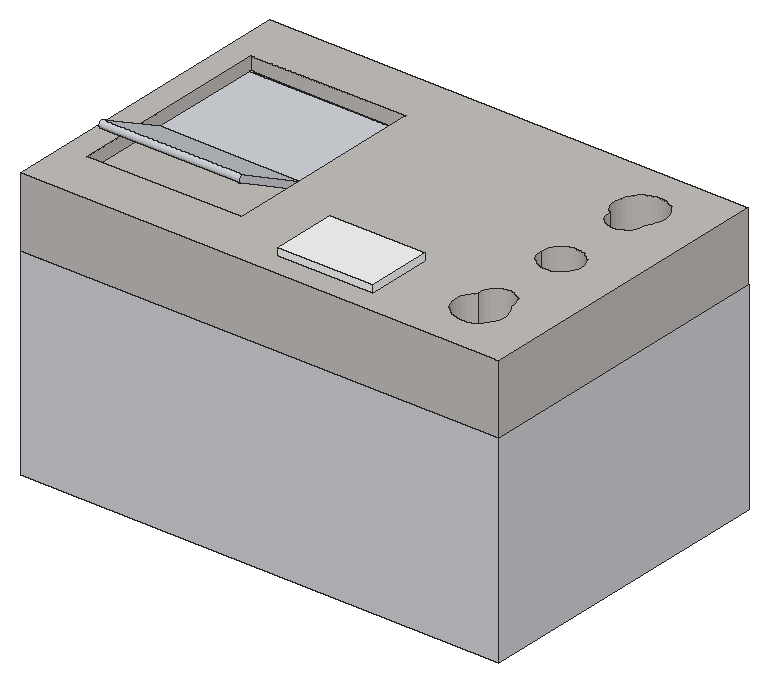
Revit family "Domotics-DomesticRanges-GEWISS-CHORUS_POWER-SOCKET-OUTLET_ITA_RCBO", category Apparecchi elettrici, host Superficie, Revit 2016
Family settings
  Host = Superficie
  Mantenere orientamento annotazione = Sì
  Tipo di parte = Normale
  Quota connettore circolare = Usa diametro
  Taglio con vuoti quando caricato = Sì
  Condiviso = Sì
  Punto di calcolo locali = Sì
Parameters (values of type "GW14321 - INT SOC+R.M.C.BR. 3M 1P+N 16A P17/11 T")
  Wiring terminals = "With screw"
  Voltage: = "230V ac"
  Version file RFA = "19.0"
  VISIBILITA' SIMBOLO [instance] = yes
  VISIBILITA' BORDO [instance] = yes
  URL = "https://www.gewiss.com/ww/en"
  Type: = "Interlocked"
  Thermo-pressure with ball = "125 °C"
  Terminal tightening capacity rigid cables (mm2) = "min. 0,5 - max. 2x2,5"
  Terminal tightening capacity flexible cables (mm2) = "min. 0,75 - max. 2x4"
  Terminal grip on cable traction = "&gt; 50 N"
  Technical sheet = "https://www.gewiss.com/ww/en/search?q=GW14321"
  Standard; = "IEC 60884-1; EN 61009-1; EN 61008-1"
  Standard: = "English"
  Spostamento_x [instance] = 2476 mm
  Spostamento_effettivo x [instance] = 4000 mm - Spostamento_x  # 1524 mm
  Socket-out type = "P17-P11"
  SEO = "Socket outlet"
  Resistance at test voltage = "2000 V at 50 Hz for 1 minute"
  Realized by GEWISS S.p.A. = ""
  Protection = "Miniature circuit breaker + residual current device"
  Default Elevation = 1219.2 mm
  Prolonged operation (no.of position changes) = "10.000 at In 250 V ac cosØ=0,8"
  Produttore = "GEWISS S.p.A."
  Ofset presa [instance] = 0 mm
  Ofset bidimensionale [instance] = 2 mm
  No. Chorus modules: = "3"
  Modello = "GW14321"
  Miniature circuit breakers = "1P+N 16A"
  Insulation resistance = "&gt; 5 MOhm"
  Idn = "10MA"
  IDT = "4d49733c-d912-421e-9d04-4e48f75e2904"
  IDF = "0d17bbf9-b997-469c-909b-3e743a6c911e"
  Glow Wire Test = "850°C"
  Fronte presa = Titanio
  Electrocod = "0131                "
  EAN code = "8011564266506"
  Descrizione = "INT SOC+R.M.C.BR. 3M 1P+N 16A P17/11 T"
  Description: = "2P+E - 16A"
  Description. = "Dual amperage interlocked socket-outlet"
  Corpo presa = none
  Colour = "Titanium"
  Category = "Dual amperage interlocked socket-outlet"
  Catalogue Range = "CHORUS - DOMESTIC RANGE"
  Catalogue = "DOMOTICS"
  COBie.Tagnumber = ""
  COBie.CreatedOn = ""
  COBie.CreatebBy = ""
  COBie.ComponentRegisterItemID = ""
  COBie.Component.TagNumber = ""
  COBie.Component.Space = ""
  COBie.Component.SerialNumber = ""
  COBie.Component.InstallationDate = ""
  COBie.Component.Description = ""
  COBie.Component.BarCode = ""
  Breaking capacity: = "1.25 In (100 position changes)"
  Breaking capacity = "3KA"
Types (3, lengths in mm): name | Technical sheet | Modello | IDT | Fronte presa | EAN code | Descrizione | Colour
  GW10321 - INT S.O. 3M 2P+E 16A P17/11-RCCB 1P+N  W | "https://www.gewiss.com/ww/en/search?q=GW10321" | "GW10321" | "f3b9dbf2-8533-4676-894c-1b7c9b170723" | Bianco | "8011564262478" | "INT S.O. 3M 2P+E 16A P17/11-RCCB 1P+N  W" | "White"
  GW12321 - INT SOC+R.M.C.BR. 3M 1P+N 16A P17/11 B | "https://www.gewiss.com/ww/en/search?q=GW12321" | "GW12321" | "71847969-5ed9-4501-a034-2ced67a7fccc" | Nero | "8011564267343" | "INT SOC+R.M.C.BR. 3M 1P+N 16A P17/11 B" | "Black"
  GW14321 - INT SOC+R.M.C.BR. 3M 1P+N 16A P17/11 T | "https://www.gewiss.com/ww/en/search?q=GW14321" | "GW14321" | "4d49733c-d912-421e-9d04-4e48f75e2904" | Titanio | "8011564266506" | "INT SOC+R.M.C.BR. 3M 1P+N 16A P17/11 T" | "Titanium"
Reference planes
  plane 1 "Centro (Fronte/Retro)": y = 0
  plane 2: z = 0
  plane 3 "Centro (Sinistra/Destra)": x = 0
  plane 4: x = -1524
  plane 5: x = 0
  plane 6: z = 0
  plane 7 "2d": z = 41
  plane 8: z = 39
Lines and regions (mm)
  Masking region 1, detail levels coarse
    outline origin (0, 0, 0) x (1, 0, 0) y (0, 0, 1)
      loop
        line (-34.5, 39) -> (-34.5, 0) -> (34.5, 0) -> (34.5, 39) -> (-34.5, 39)
  Masking region 2, detail levels coarse
    outline origin (0, 0, 0) x (0, 1, 0) y (0, 0, 1)
      loop
        line (-22.5, 39) -> (-22.5, 0) -> (22.5, 0) -> (22.5, 39) -> (-22.5, 39)
Dimensions and locks
  plane 4 to plane 3 "Centro (Sinistra/Destra)" = 1524 mm
  "Spostamento_effettivo x": plane 4 to plane 5
  "Ofset bidimensionale": plane 7 "2d" to plane 8
  "Ofset presa": plane 6 to plane 2
  locked: plane 8 to plane 6 at 39
  aligned and locked: plane 2 to host face
  aligned and locked: level to host face
  aligned and locked: plane 3 "Centro (Sinistra/Destra)" to nested 1
  aligned and locked: plane 1 "Centro (Fronte/Retro)" to nested 1
  aligned and locked: nested 1 to plane 6
  aligned and locked: plane 5 to nested 2
  aligned and locked: plane 8 to nested 1
  aligned and locked: plane 7 "2d" to nested 3
  aligned and locked: Masking region 1 sketch curve to nested 1  (x2)
  aligned and locked: Masking region 1 sketch curve to plane 6
  aligned and locked: Masking region 1 sketch curve to plane 8
Automatic sketch dimensions
  host sketch curve to host sketch curve = 2438.4 mm  (x2)
  plane 1 "Centro (Fronte/Retro)" to Masking region 2 sketch curve = 22.5 mm
  Masking region 2 sketch curve to plane 1 "Centro (Fronte/Retro)" = 22.5 mm
  Masking region 2 sketch curve to plane 8 = 0 mm
  Masking region 2 sketch curve to plane 6 = 0 mm
Nested families
  nested 1: "DIFF_ChORUS PRESA ITA IB MAGNETOT" at (0, 0, 0), type "DIFF_ChORUS PRESA ITA IB MAGNETOT", detail levels medium+fine
  nested 2: "16" at (0, 129.09, 0), type "16"
  nested 3: "DIFF_2D" at (2.75, -22.5, 41), type "DIFF_2D", detail levels coarse
Definition of nested family "DIFF_ChORUS PRESA ITA IB MAGNETOT"
  Parameters (values of type "DIFF_ChORUS PRESA ITA IB MAGNETOT")
    corpo = none
    L = 69 mm
    H = 45 mm
    Fronte = none
  Reference planes
    plane 1 "Centro (Fronte/Retro)": y = 0
    plane 2: z = 0
    plane 3 "Centro (Sinistra/Destra)": x = 0
    plane 4: x = -34.5
    plane 5: y = -22.5
    plane 6: x = 34.5
    plane 7: y = 22.5
    plane 8: z = 29
    plane 9: z = 39
    plane 10: x = 25.486
    plane 11: x = -31.063
    plane 12: x = -8.75
    plane 13: z = 33.442
    plane 14: y = 14.84
    plane 15: y = -14.84
    plane 16: y = -13.84
    plane 17: y = 13.84
    plane 18: x = -30.063
    plane 19: z = 36.97
    plane 20: x = -9.75
    plane 21: y = -9.771
    plane 22: x = 13.621
    plane 23: y = -19.154
    plane 24: z = 40
  Forms (mm)
    Extrusion 1, solid, material <- "corpo"
      sketch origin (0, 0, 0) x (1, 0, 0) y (0, 0, 1)
        loop
          line (-34.5, 0) -> (34.5, 0) -> (34.5, 29) -> (-34.5, 29) -> (-34.5, 0)
      from -22.5 to 22.5
    Extrusion 2, solid, material <- "Fronte"
      sketch origin (0, 0, 0) x (1, 0, 0) y (0, 0, 1)
        loop
          line (-34.5, 29) -> (34.5, 29) -> (34.5, 39) -> (-34.5, 39) -> (-34.5, 29)
      from -22.5 to 22.5
    Extrusion 3, void
      sketch origin (0, 0, 0) x (1, 0, 0) y (0, 1, 0)
        loop
          arc (27.97, 12.07) -> (25.253, 18.016) -> (22.988, 11.884) r 3.536
          arc (22.988, 11.884) -> (25.579, 9.284) -> (27.97, 12.07) r 2.5
        loop
          circle (25.486, 0.054) r 2.942
        loop
          arc (22.999, -11.767) -> (25.253, -17.909) -> (27.96, -11.952) r 3.536
          arc (27.96, -11.952) -> (25.579, -9.188) -> (22.999, -11.767) r 2.489
      from 33.442 to 39
    Extrusion 4, void
      sketch origin (0, 0, 0) x (1, 0, 0) y (0, 1, 0)
        loop
          line (-31.063, -14.84) -> (-8.75, -14.84) -> (-8.75, 14.84) -> (-31.063, 14.84) -> (-31.063, -14.84)
      from 36.97 to 39
    Extrusion 5, solid
      sketch origin (0, 0, 0) x (0, 1, 0) y (0, 0, 1)
        loop
          line (-13.561, 42.472) -> (-3.044, 36.97) -> (13.277, 36.97)
          arc (13.277, 36.97) -> (13.777, 37.47) -> (13.277, 37.97) r 0.5
          line (13.277, 37.97) -> (-2.798, 37.97) -> (-13.097, 43.358)
          arc (-13.097, 43.358) -> (-13.772, 43.147) -> (-13.561, 42.472) r 0.5
      from -30.063 to -9.75
    Extrusion 6, solid
      sketch origin (0, 0, 0) x (1, 0, 0) y (0, 1, 0)
        loop
          line (13.621, -9.771) -> (0, -9.771) -> (0, -19.154) -> (13.621, -19.154) -> (13.621, -9.771)
      from 36.97 to 40
  Cuts and joins
    Extrusion 3, Extrusion 4 cuts Extrusion 1
    Extrusion 3, Extrusion 4 cuts Extrusion 2
  Dimensions and locks
    equal spacing: plane 7, plane 1 "Centro (Fronte/Retro)", plane 5
    equal spacing: plane 4, plane 3 "Centro (Sinistra/Destra)", plane 6
    locked: plane 8 to plane 2 at 29
    locked: plane 9 to plane 8 at 10
    "L": plane 4 to plane 6
    "H": plane 7 to plane 5
    locked: plane 10 to plane 6 at 9.014
    locked: plane 4 to plane 11 at 3.437
    locked: plane 9 to plane 13 at 5.558
    equal spacing: plane 15, plane 1 "Centro (Fronte/Retro)", plane 14
    plane 15 to plane 14 = 29.68 mm
    locked: plane 17 to plane 14 at 1
    locked: plane 15 to plane 16 at 1
    locked: plane 11 to plane 18 at 1
    locked: plane 19 to plane 9 at 2.03
    locked: plane 20 to plane 12 at 1
    locked: plane 23 to plane 5 at 3.346
    locked: plane 23 to plane 21 at 9.383
    locked: plane 24 to plane 9 at 1
    aligned and locked: level to plane 2
    aligned and locked: Extrusion 1 sketch curve to plane 4
    aligned and locked: Extrusion 1 sketch curve to plane 6
    aligned and locked: Extrusion 1 sketch curve to plane 8
    aligned and locked: Extrusion 1 sketch curve to plane 2
    aligned and locked: Extrusion 2 sketch curve to plane 8
    aligned and locked: Extrusion 2 sketch curve to plane 9
    aligned and locked: Extrusion 2 sketch curve to plane 4
    aligned and locked: Extrusion 2 sketch curve to plane 6
    aligned and locked: plane 7 to Extrusion 2
    aligned and locked: Extrusion 2 to plane 5
    aligned and locked: Extrusion 1 to plane 5
    aligned and locked: Extrusion 2 to plane 7
    aligned and locked: plane 7 to Extrusion 1
    aligned and locked: plane 10 to Extrusion 3 sketch curve  (x3)
    aligned and locked: plane 13 to cut or joined group of Extrusion 2, Extrusion 3, Extrusion 4
    aligned and locked: plane 9 to Extrusion 3
    aligned and locked: Extrusion 4 sketch curve to plane 11
    aligned and locked: Extrusion 4 sketch curve to plane 12
    aligned and locked: Extrusion 4 sketch curve to plane 15
    aligned and locked: Extrusion 4 sketch curve to plane 14
    aligned and locked: plane 9 to Extrusion 4
    aligned and locked: plane 18 to Extrusion 5
    aligned and locked: Extrusion 5 to plane 20
    aligned and locked: Extrusion 6 sketch curve to plane 22
    aligned and locked: Extrusion 6 sketch curve to plane 21
    aligned and locked: Extrusion 6 sketch curve to plane 3 "Centro (Sinistra/Destra)"
    aligned and locked: Extrusion 6 sketch curve to plane 23
    aligned and locked: cut or joined group of Extrusion 2, Extrusion 3, Extrusion 4 to Extrusion 6
    aligned and locked: plane 24 to Extrusion 6
  Automatic sketch dimensions
    Extrusion 3 sketch curve to Extrusion 3 sketch curve = 2.701 mm  (x2)
    Extrusion 3 sketch curve to plane 10 = 2.487 mm
    Extrusion 3 sketch curve to plane 1 "Centro (Fronte/Retro)" = 0.054 mm
    Extrusion 3 sketch curve to plane 10 = 2.498 mm
    Extrusion 5 sketch curve to plane 13 = 3.527 mm
    plane 9 to Extrusion 5 sketch curve = 3.472 mm
    Extrusion 5 sketch curve to plane 16 = 0.279 mm
    Extrusion 5 sketch curve to Extrusion 5 sketch curve = 0.232 mm  (x2)
    plane 9 to Extrusion 5 sketch curve = 4.358 mm
    plane 1 "Centro (Fronte/Retro)" to Extrusion 5 sketch curve = 3.044 mm
    Extrusion 5 sketch curve to plane 13 = 4.527 mm
    plane 17 to Extrusion 5 sketch curve = 0.563 mm
    plane 1 "Centro (Fronte/Retro)" to Extrusion 5 sketch curve = 2.798 mm
    Extrusion 3 sketch curve to plane 10 = 0.101 mm  (x2)
    Extrusion 3 sketch curve to plane 16 = 2.165 mm
    plane 17 to Extrusion 3 sketch curve = 2.058 mm
    Extrusion 3 sketch curve to plane 16 = 1.888 mm
    plane 17 to Extrusion 3 sketch curve = 1.77 mm
    radius of Extrusion 3 sketch curve = 2.942 mm
Definition of nested family "16"
  Parameters (values of type "16")
    simbolo = yes
    Bordo = yes
  Reference planes
    plane 1: y = 0
    plane 2: x = 0
  Lines and regions (mm)
    detail lines, visible <- "Bordo"
      curve 1: line (1.224, 2.031, 0) -> (-1.068, 2.031, 0)
      curve 2: line (-1.068, 2.031, 0) -> (-1.068, 5.156, 0)
      curve 3: line (-1.068, 5.156, 0) -> (1.224, 5.156, 0)
      curve 4: line (1.224, 5.156, 0) -> (1.224, 2.031, 0)
    detail lines, visible <- "simbolo"
      curve 5: line (1.016, 3.594, 0) -> (-0.859, 3.594, 0)
      curve 6: line (0.078, 3.594, 0) -> (0.078, 2.656, 0)
      curve 7: line (0.078, 3.594, 0) -> (-0.324, 2.656, 0)
      curve 8: line (-0.324, 2.656, 0) -> (-0.638, 2.791, 0)
      curve 9: line (0.078, 3.217, 0) -> (-0.04, 3.099, 0)
      curve 10: line (0.078, 3.287, 0) -> (-0.11, 3.099, 0)
      curve 11: line (0.078, 3.356, 0) -> (-0.1, 3.178, 0)
      curve 12: line (0.078, 3.426, 0) -> (-0.048, 3.3, 0)
      curve 13: line (0.078, 3.099, 0) -> (-0.134, 3.099, 0)
      curve 14: line (-0.173, 3.009, 0) -> (-0.487, 3.144, 0)
      curve 15: arc (-0.859, 4.531, 0) -> (-0.585, 3.868, 0) -> (0.078, 3.594, 0) r 0.937
      curve 16: arc (1.016, 4.531, 0) -> (0.741, 3.868, 0) -> (0.078, 3.594, 0) r 0.937
    detail lines, visible <- "Bordo", not visible
      curve 17: line (1.146, 2.5, 0) -> (-1.146, 2.5, 0)
      curve 18: line (-1.146, 2.5, 0) -> (-1.146, 5.625, 0)
      curve 19: line (-1.146, 5.625, 0) -> (1.146, 5.625, 0)
      curve 20: line (1.146, 5.625, 0) -> (1.146, 2.5, 0)
    detail lines, visible <- "simbolo", not visible
      curve 21: line (0.938, 4.062, 0) -> (-0.937, 4.062, 0)
      curve 22: line (0, 4.062, 0) -> (0, 3.125, 0)
      curve 23: line (0, 4.062, 0) -> (-0.402, 3.125, 0)
      curve 24: line (-0.402, 3.125, 0) -> (-0.716, 3.26, 0)
      curve 25: line (0, 3.686, 0) -> (-0.118, 3.568, 0)
      curve 26: line (0, 3.756, 0) -> (-0.188, 3.568, 0)
      curve 27: line (0, 3.825, 0) -> (-0.178, 3.647, 0)
      curve 28: line (0, 3.895, 0) -> (-0.126, 3.769, 0)
      curve 29: line (0, 3.568, 0) -> (-0.212, 3.568, 0)
      curve 30: line (-0.251, 3.478, 0) -> (-0.565, 3.612, 0)
      curve 31: arc (-0.937, 5, 0) -> (-0.663, 4.337, 0) -> (0, 4.062, 0) r 0.937
      curve 32: arc (0.937, 5, 0) -> (0.663, 4.337, 0) -> (0, 4.062, 0) r 0.937
  Text (mm)
    text "10/16" at (-0.689, 5.045, 0), visible <- "simbolo"
  Dimensions and locks
    curve 1 to plane 1 = 2.031 mm
Definition of nested family "DIFF_2D"
  Reference planes
    plane 1 "Centro (Fronte/Retro)": y = 0
    plane 2: z = 0
    plane 3 "Centro (Sinistra/Destra)": x = 0
  Lines and regions (mm)
    model lines
      curve 1: circle (-23.25, 3.661, 0) r 2.191 normal (0, 0, 1)
      curve 2: circle (21, 22.5, 0) r 2.942 normal (0, 0, 1)
      curve 3: line (31.75, 0, 0) -> (31.75, 45, 0)
      curve 4: line (31.75, 45, 0) -> (-13.75, 45, 0)
      curve 5: line (-13.75, 45, 0) -> (-36.75, 45, 0)
      curve 6: line (-36.75, 45, 0) -> (-36.75, 0, 0)
      curve 7: line (-36.75, 0, 0) -> (-13.75, 0, 0)
      curve 8: line (-13.75, 0, 0) -> (31.75, 0, 0)
      curve 9: line (-23.25, 43.53, 0) -> (-23.25, 39.148, 0)
      curve 10: line (-23.25, 9.466, 0) -> (-17.116, 9.466, 0)
      curve 11: line (-17.116, 9.466, 0) -> (-15.254, 9.904, 0)
      curve 12: line (-15.254, 9.904, 0) -> (-14.159, 10.78, 0)
      curve 13: line (-14.159, 10.78, 0) -> (-13.611, 11.876, 0)
      curve 14: line (-13.611, 11.876, 0) -> (-12.954, 22.5, 0)
      curve 15: line (-12.954, 22.5, 0) -> (-12.954, 7.714, 0)
      curve 16: line (-12.954, 7.714, 0) -> (-23.25, 7.714, 0)
      curve 17: line (-23.25, 7.714, 0) -> (-33.546, 7.714, 0)
      curve 18: line (-33.546, 7.714, 0) -> (-33.546, 22.5, 0)
      curve 19: line (-33.546, 22.5, 0) -> (-12.954, 22.5, 0)
      curve 20: line (-12.954, 22.5, 0) -> (-12.954, 37.286, 0)
      curve 21: line (-12.954, 37.286, 0) -> (-23.25, 37.286, 0)
      curve 22: line (-23.25, 37.286, 0) -> (-33.546, 37.286, 0)
      curve 23: line (-33.546, 37.286, 0) -> (-33.546, 22.5, 0)
      curve 24: line (-33.546, 22.5, 0) -> (-32.889, 11.876, 0)
      curve 25: line (-32.889, 11.876, 0) -> (-32.341, 10.78, 0)
      curve 26: line (-32.341, 10.78, 0) -> (-31.246, 9.904, 0)
      curve 27: line (-31.246, 9.904, 0) -> (-29.384, 9.466, 0)
      curve 28: line (-29.384, 9.466, 0) -> (-23.25, 9.466, 0)
      curve 29: arc (23.573, 34.352, 0) -> (21.254, 40.463, 0) -> (18.59, 34.494, 0) r 3.536
      curve 30: arc (18.59, 34.494, 0) -> (21.005, 31.73, 0) -> (23.573, 34.352, 0) r 2.5
      curve 31: arc (18.59, 10.506, 0) -> (21.254, 4.537, 0) -> (23.573, 10.648, 0) r 3.536
      curve 32: arc (23.573, 10.648, 0) -> (21.005, 13.27, 0) -> (18.59, 10.506, 0) r 2.5
  Dimensions and locks
    aligned and locked: level to plane 2
